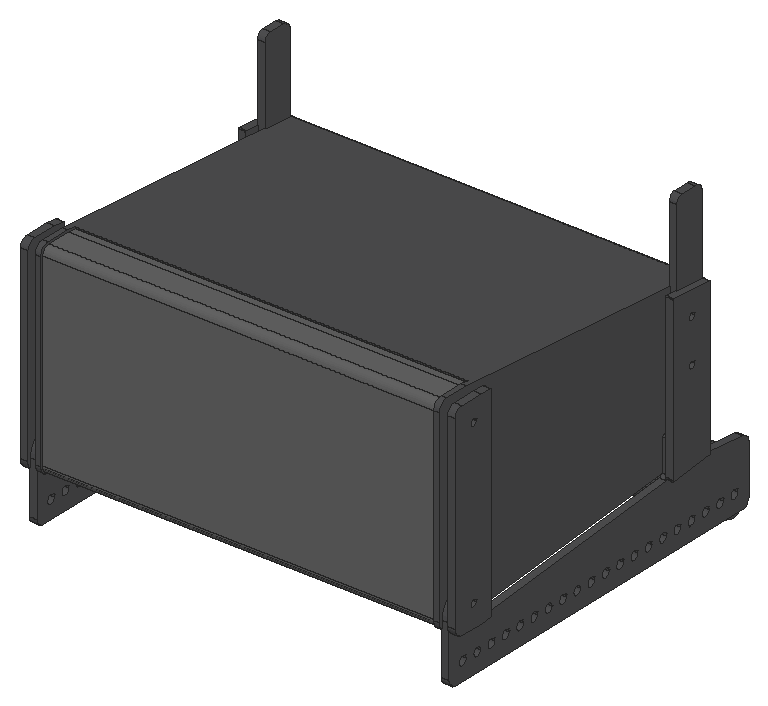
Revit family "Communication_Bosch_Speakers_X-Line Advance Install X2i", category Communication Devices, Revit 2018
Family settings
  Maintain Annotation Orientation = No
  Round Connector Dimension = Use Diameter
  Part Type = Normal
  Work Plane-Based = Yes
  Always vertical = No
  Cut with Voids When Loaded = No
  Shared = Yes
  Room Calculation Point = No
Parameters (values of type "X2I-212/120-B X2i 12" 120° Install array black")
  top/Middle/Bottom Elements [instance] = if(XVisErr, 1 = 0, if(or([Loud Speaker Top Position (01 spreader bar)], Loud Speaker Middle Position, Loud Speaker Bottom Position, [Loud Speaker Bottom Position (No grid)]), 1 = 1, 1 = 0))  # yes
  ifcExportAs = "IfcElectricApplianceType\r\n\r\n"  # constant formula
  XVisSpeaker [instance] = not(XVisErr)  # yes
  XVisErr [instance] = if(and([Loud Speaker Bottom Position (No grid)], Loud Speaker Bottom Position), 1 = 1, if(and([Loud Speaker Bottom Position (No grid)], Loud Speaker Middle Position), 1 = 1, if(and([Loud Speaker Bottom Position (No grid)], [Loud Speaker Top Position (01 spreader bar)]), 1 = 1, if(and([Loud Speaker Bottom Position (No grid)], Loud Speaker Middle Position, [Loud Speaker Top Position (01 spreader bar)]), 1 = 1, if(and([Loud Speaker Bottom Position (No grid)], [Loud Speaker Top Position (02 spreader bar)]), 1 = 1, if(and([Loud Speaker Bottom Position (No grid)], Loud Speaker Middle Position, [Loud Speaker Top Position (02 spreader bar)]), 1 = 1, if(and(Loud Speaker Bottom Position, Loud Speaker Middle Position), 1 = 1, if(and(Loud Speaker Bottom Position, [Loud Speaker Top Position (01 spreader bar)]), 1 = 1, if(and(Loud Speaker Middle Position, [Loud Speaker Top Position (01 spreader bar)]), 1 = 1, if(and(Loud Speaker Bottom Position, Loud Speaker Middle Position, [Loud Speaker Top Position (01 spreader bar)]), 1 = 1, if(and([Loud Speaker Top Position (01 spreader bar)], [Loud Speaker Top Position (02 spreader bar)]), 1 = 1, if(and(Loud Speaker Bottom Position, [Loud Speaker Top Position (02 spreader bar)]), 1 = 1, if(and(Loud Speaker Middle Position, [Loud Speaker Top Position (02 spreader bar)]), 1 = 1, if(and(Loud Speaker Bottom Position, Loud Speaker Middle Position, [Loud Speaker Top Position (02 spreader bar)]), 1 = 1, 1 = 0))))))))))))))  # no
  XMTI = 1
  XMPN [instance] = if(XVisErr, XError, if(and(or(XMTI = 1, XMTI = 2, XMTI = 5, XMTI = 6), Loud Speaker Bottom Position), " X12I-RIGKIT-B & X12I-GRID-B", if(and(or(XMTI = 1, XMTI = 2, XMTI = 5, XMTI = 6), [Loud Speaker Top Position (01 spreader bar)]), " X12I-RIGKIT-B & X12I-GRID-B ", if(and(or(XMTI = 1, XMTI = 2, XMTI = 5, XMTI = 6), [Loud Speaker Top Position (02 spreader bar)]), " X12I-RIGKIT-B & X12I-GRID-B", if(and(or(XMTI = 1, XMTI = 2, XMTI = 5, XMTI = 6), Loud Speaker Middle Position), " X12I-RIGKIT-B ", if(and(or(XMTI = 3, XMTI = 4, XMTI = 7, XMTI = 8), Loud Speaker Bottom Position), " X12I-RIGKIT-W & X12I-GRID-W", if(and(or(XMTI = 3, XMTI = 4, XMTI = 7, XMTI = 8), [Loud Speaker Bottom Position (No grid)]), " X12I-RIGKIT-W ", if(and(or(XMTI = 3, XMTI = 4, XMTI = 7, XMTI = 8), [Loud Speaker Top Position (01 spreader bar)]), " X12I-RIGKIT-W & X12I-GRID-W", if(and(or(XMTI = 3, XMTI = 4, XMTI = 7, XMTI = 8), [Loud Speaker Top Position (02 spreader bar)]), " X12I-RIGKIT-W & X12I-GRID-W ", if(and(or(XMTI = 3, XMTI = 4, XMTI = 7, XMTI = 8), Loud Speaker Middle Position), " X12I-RIGKIT-W ", "None"))))))))))  # "None"
  XError [instance] = "Configuration not possible"  # constant formula
  XCTN [instance] = if(XVisErr, XError, if(XMTI = 1, "X2I-212/120-B ", if(XMTI = 2, "X2I-212/120-FGB ", if(XMTI = 3, "X2I-212/120-FGW ", if(XMTI = 4, "X2I-212/120-W ", if(XMTI = 5, "X2I-212/90-B ", if(XMTI = 6, "X2I-212/90-FGB ", if(XMTI = 7, "X2I-212/90-FGW ", if(XMTI = 8, " X2I-212/90-W ", " None ")))))))))  # "X2I-212/120-B "
  XAccDesc [instance] = if(XVisErr, XError, if(XMTI = 1, " X2i 12 in 120° Install array black", if(XMTI = 2, " X2i 12 in 120° Install array black FG", if(XMTI = 3, " X2i 12 in 120° Install array white FG", if(XMTI = 4, " X2i 12 in 120° Install array white", if(XMTI = 5, " X2i 12 in 90° Install array black", if(XMTI = 6, " X2i 12 in 90° Install array black FG", if(XMTI = 7, " X2i 12 in 90° Install array white FG", if(XMTI = 8, " X2i 12 in 90° Install array white", " None ")))))))))  # " X2i 12 in 120° Install array black"
  Weight (Kg) = "34.8 "  # constant formula
  Vertical Coverage = "Array dependent\r\n"  # constant formula
  UniclassTitle = "Loudspeakers"  # constant formula
  UniclassCode = "Pr_70_75_36_50"  # constant formula
  URL = "www.electrovoice.com"
  Top/Middle Elements [instance] = if(XVisErr, 1 = 0, if(or([Loud Speaker Top Position (01 spreader bar)], Loud Speaker Middle Position), 1 = 1, 1 = 0))  # no
  Top Elements (02 spreader bar) [instance] = if(XVisErr, 1 = 0, if([Loud Speaker Top Position (02 spreader bar)], 1 = 1, 1 = 0))  # no
  Top Elements (01 spreader bar) [instance] = if(XVisErr, 1 = 0, if([Loud Speaker Top Position (01 spreader bar)], 1 = 1, 1 = 0))  # no
  Top Element Grid [instance] = if(XVisErr, 1 = 0, if(or([Loud Speaker Top Position (01 spreader bar)], [Loud Speaker Top Position (02 spreader bar)]), 1 = 1, 1 = 0))  # no
  Top Element Distance [instance] = if(or(Loud Speaker Bottom Position, Loud Speaker Middle Position), 0 mm, if(Top Grid Hole Number = 1, 599.4 mm, if(Top Grid Hole Number = 2, 569.4 mm, if(Top Grid Hole Number = 3, 539.4 mm, if(Top Grid Hole Number = 4, 509.4 mm, if(Top Grid Hole Number = 5, 479.4 mm, if(Top Grid Hole Number = 6, 449.4 mm, if(Top Grid Hole Number = 7, 419.4 mm, if(Top Grid Hole Number = 8, 389.4 mm, if(Top Grid Hole Number = 9, 359.4 mm, if(Top Grid Hole Number = 10, 229.4 mm, if(Top Grid Hole Number = 11, 299.4 mm, if(Top Grid Hole Number = 12, 269.4 mm, if(Top Grid Hole Number = 13, 239.4 mm, if(Top Grid Hole Number = 14, 209.4 mm, if(Top Grid Hole Number = 15, 179.4 mm, if(Top Grid Hole Number = 16, 149.4 mm, if(Top Grid Hole Number = 17, 119.4 mm, if(Top Grid Hole Number = 18, 89.4 mm, if(Top Grid Hole Number = 19, 59.4 mm, if(Top Grid Hole Number = 20, 29.4 mm, 599.4 mm)))))))))))))))))))))  # 479.4 mm
  Power Handling = "150 W Continuous, 600 Peak"  # constant formula
  Product Website = "https://products.electrovoice.com/na/en/product/2858/"
  Product Information = "https://products.electrovoice.com/downloadfile.php?id=978256"
  Product Description [instance] = XAccDesc  # " X2i 12 in 120° Install array black"
  PlanningTools = "https://products.electrovoice.com/na/en/preview/"
  Middle/Bottom element [instance] = if(XVisErr, 1 = 0, if(or(Loud Speaker Middle Position, Loud Speaker Bottom Position, [Loud Speaker Bottom Position (No grid)]), 1 = 1, 1 = 0))  # yes
  Max SPL = "145 dB Peak"  # constant formula
  Material = "Multi-ply birch"  # constant formula
  Loud Speaker Bottom Position (No grid) [instance] = yes
  Colour = RAL 9005 black
  Manufacturer = "Electro Voice"  # constant formula
  Loud Speaker Top Position (02 spreader bar) [instance] = no
  Loud Speaker Top Position (01 spreader bar) [instance] = no
  Loud Speaker Middle Position [instance] = no
  Loud Speaker Bottom Position [instance] = no
  LoudSpeaker inclination Angle [instance] = 0.00°
  Top Grid Hole Number [instance] = 5
  InstallationManual = "https://products.electrovoice.com/downloadfile.php?id=978379"
  IP Rating = "IP55 (fiberglass models only)"  # constant formula
  Frequency Response (-3 dB) = "Full-space anechoic array performance with FIR-Drive preset (52 Hz - 19 kHz)"  # constant formula
  Disclaimer = "https://resources-boschsecurity-cdn.azureedge.net/public/information/bim/Disclaimer.pdf"
  Dimensions (H x W x D) = "347 mm x 678.5 mm x 536 mm"  # constant formula
  Default Elevation = 1219.2 mm
  Horizontal Coverage = "90° or 120°"  # constant formula
  CTN [instance] = XCTN  # "X2I-212/120-B "
  Bottom Spreader Bar Rotation Angle [instance] = if(Loud Speaker Bottom Position, -15.00°, -15.00°)  # -15.00°
  Bottom Grid Hole Number [instance] = if(Loud Speaker Bottom Position, 20, 20)  # 20
  Bottom Elements [instance] = if(XVisErr, 1 = 0, if(Loud Speaker Bottom Position, 1 = 1, 1 = 0))  # no
  Bottom Element Distance [instance] = if(or([Loud Speaker Top Position (01 spreader bar)], [Loud Speaker Top Position (02 spreader bar)], Loud Speaker Middle Position), 0 mm, if(Bottom Grid Hole Number = 1, 599.4 mm, if(Bottom Grid Hole Number = 2, 569.4 mm, if(Bottom Grid Hole Number = 3, 539.4 mm, if(Bottom Grid Hole Number = 4, 509.4 mm, if(Bottom Grid Hole Number = 5, 479.4 mm, if(Bottom Grid Hole Number = 6, 449.4 mm, if(Bottom Grid Hole Number = 7, 419.4 mm, if(Bottom Grid Hole Number = 8, 389.4 mm, if(Bottom Grid Hole Number = 9, 359.4 mm, if(Bottom Grid Hole Number = 10, 229.4 mm, if(Bottom Grid Hole Number = 11, 299.4 mm, if(Bottom Grid Hole Number = 12, 269.4 mm, if(Bottom Grid Hole Number = 13, 239.4 mm, if(Bottom Grid Hole Number = 14, 209.4 mm, if(Bottom Grid Hole Number = 15, 179.4 mm, if(Bottom Grid Hole Number = 16, 149.4 mm, if(Bottom Grid Hole Number = 17, 119.4 mm, if(Bottom Grid Hole Number = 18, 89.4 mm, if(Bottom Grid Hole Number = 19, 59.4 mm, if(Bottom Grid Hole Number = 20, 29.4 mm, 599.4 mm)))))))))))))))))))))  # 29.4 mm
  ArchitectsAndEngineersSpecs = "https://products.electrovoice.com/na/en/product/2858/"
  Accessories Part Number [instance] = XMPN  # "None"
Reference planes
  plane 1 "Center (Front/Back)": y = 0
  plane 2: z = 0
  plane 3 "Center (Left/Right)": x = 0
Forms (mm)
  Extrusion 1, solid, material "RAL 9005 black" <- "Colour", visible <- "XVisSpeaker"
    sketch origin (0, 0, 0) x (0, 0, 1) y (0, -1, 0)
      loop
        line (145.249, -249.261) -> (187.03, 228.298) -> (187.03, 268.828)
        arc (187.03, 268.828) -> (182.414, 279.972) -> (171.269, 284.589) r 15.761
        line (171.269, 284.589) -> (-144.205, 284.589)
        arc (-144.205, 284.589) -> (-155.35, 279.972) -> (-159.966, 268.828) r 15.761
        line (-159.966, 268.828) -> (-159.966, 228.298) -> (-118.185, -249.261)
        arc (-118.185, -249.261) -> (-117.438, -250.777) -> (-115.865, -251.393) r 2.337
        line (-115.865, -251.393) -> (142.914, -251.393)
        arc (142.914, -251.393) -> (144.497, -250.782) -> (145.249, -249.261) r 2.337
    from -339.25 to 339.25
  Extrusion 2, void
    sketch origin (0, 0, 0) x (0, 0, -1) y (0, -1, 0)
      loop
        line (-188.667, 213.318) -> (-181.001, 213.318) -> (-182.393, 229.23) -> (-182.393, 268.836)
        arc (-182.393, 268.836) -> (-179.132, 276.697) -> (-171.269, 279.952) r 11.124
        line (-171.269, 279.952) -> (144.205, 279.952)
        arc (144.205, 279.952) -> (152.071, 276.694) -> (155.33, 268.828) r 11.124
        line (155.33, 268.828) -> (155.33, 229.23) -> (153.937, 213.318) -> (161.603, 213.318) -> (162.966, 228.896) -> (162.966, 269.547)
        arc (162.966, 269.547) -> (157.483, 282.812) -> (144.227, 288.318) r 18.761
        line (144.227, 288.318) -> (-171.247, 288.318)
        arc (-171.247, 288.318) -> (-184.524, 282.835) -> (-190.03, 269.568) r 18.761
        line (-190.03, 269.568) -> (-190.03, 228.896) -> (-188.667, 213.318)
    from -329.969 to 329.969
  Extrusion 3, solid, material "Default New Material", visible <- "XVisSpeaker"
    sketch origin (0, 0, 0) x (0, 0, 1) y (0, -1, 0)
      loop
        line (184.693, 228.555) -> (184.693, 268.828)
        arc (184.693, 268.828) -> (180.762, 278.32) -> (171.269, 282.252) r 13.424
        line (171.269, 282.252) -> (-144.205, 282.252)
        arc (-144.205, 282.252) -> (-153.698, 278.32) -> (-157.63, 268.828) r 13.424
        line (-157.63, 268.828) -> (-157.63, 228.4) -> (-156.31, 213.318) -> (-153.937, 213.318) -> (-155.328, 229.218) -> (-155.328, 268.98)
        arc (-155.328, 268.98) -> (-152.017, 276.747) -> (-144.205, 279.952) r 11.124
        line (-144.205, 279.952) -> (171.269, 279.952)
        arc (171.269, 279.952) -> (179.135, 276.694) -> (182.393, 268.828) r 11.124
        line (182.393, 268.828) -> (182.398, 229.129) -> (181.015, 213.318) -> (183.36, 213.318) -> (184.693, 228.555)
    from -329.969 to 329.969
  Extrusion 4, void
    sketch origin (0, 0, 0) x (0, 0, -1) y (0, -1, 0)
      loop
        circle (122.563, 245.73) r 6.349
      loop
        circle (-149.627, 245.73) r 6.349
      loop
        circle (-107.835, -212.534) r 6.349
      loop
        circle (-34.815, -212.534) r 11.933
      loop
        circle (7.752, -212.534) r 11.933
      loop
        circle (80.771, -212.534) r 6.349
    from 332.545 to 352.25
  Extrusion 5, solid, material "RAL 9005 black" <- "Colour", visible <- "Middle/Bottom element"
    sketch origin (0, 0, 0) x (0, 0, 1) y (0, -1, 0)
      loop
        line (289.463, -237.046) -> (289.463, -209.627)
        arc (289.463, -209.627) -> (286.016, -201.307) -> (277.697, -197.861) r 11.766
        line (277.697, -197.861) -> (33.058, -197.861)
        arc (33.058, -197.861) -> (24.737, -201.308) -> (21.291, -209.629) r 11.767
        line (21.291, -209.629) -> (21.291, -237.051)
        arc (21.291, -237.051) -> (24.75, -245.402) -> (33.101, -248.861) r 11.811
        line (33.101, -248.861) -> (277.648, -248.861)
        arc (277.648, -248.861) -> (286.002, -245.401) -> (289.463, -237.046) r 11.815
      loop
        circle (107.835, -212.534) r 6.349
      loop
        circle (34.815, -212.534) r 6.349
    from -352.25 to -339.25
  Extrusion 6, solid, material "RAL 9005 black" <- "Colour", visible <- "top/Middle/Bottom Elements"
    sketch origin (0, 0, 0) x (0, 0, 1) y (0, -1, 0)
      loop
        line (-160.567, 229.402) -> (-158.777, 209.692)
        arc (-158.777, 209.692) -> (-158.512, 209.1) -> (-157.939, 208.795) r 1.001
        line (-157.939, 208.795) -> (182.646, 208.795)
        arc (182.646, 208.795) -> (183.324, 209.059) -> (183.643, 209.714) r 1.001
        line (183.643, 209.714) -> (185.175, 227.917) -> (185.175, 269.109)
        arc (185.175, 269.109) -> (181.391, 279.023) -> (171.997, 283.957) r 15.011
        line (171.997, 283.957) -> (-145.588, 283.957)
        arc (-145.588, 283.957) -> (-156.208, 279.524) -> (-160.567, 268.873) r 15.011
        line (-160.567, 268.873) -> (-160.567, 229.402)
      loop
        circle (-122.563, 245.73) r 6.349
      loop
        circle (149.627, 245.73) r 6.349
    from -365.25 to -352.25
  Extrusion 7, solid, material "RAL 9005 black" <- "Colour", visible <- "top/Middle/Bottom Elements"
    sketch origin (0, 0, 0) x (0, 0, 1) y (0, -1, 0)
      loop
        line (-123.814, -174.746) -> (-117.068, -249.008)
        arc (-117.068, -249.008) -> (-116.731, -249.686) -> (-116.026, -249.96) r 1.046
        line (-116.026, -249.96) -> (144.047, -249.96)
        arc (144.047, -249.96) -> (144.686, -249.729) -> (145.03, -249.143) r 1.001
        line (145.03, -249.143) -> (151.293, -174.769)
        arc (151.293, -174.769) -> (151.033, -174.008) -> (150.296, -173.685) r 1.001
        line (150.296, -173.685) -> (-122.845, -173.685)
        arc (-122.845, -173.685) -> (-123.563, -174.002) -> (-123.814, -174.746) r 0.973
      loop
        circle (34.815, -212.534) r 6.349
      loop
        circle (107.835, -212.534) r 6.349
    from -365.25 to -352.25
  Extrusion 8, solid, material "RAL 9005 black" <- "Colour", visible <- "Middle/Bottom element"
    sketch origin (0, 0, 0) x (0, 0, 1) y (0, -1, 0)
      loop
        line (289.463, -237.046) -> (289.463, -209.627)
        arc (289.463, -209.627) -> (286.016, -201.307) -> (277.697, -197.861) r 11.766
        line (277.697, -197.861) -> (33.058, -197.861)
        arc (33.058, -197.861) -> (24.737, -201.308) -> (21.291, -209.629) r 11.767
        line (21.291, -209.629) -> (21.291, -237.051)
        arc (21.291, -237.051) -> (24.75, -245.402) -> (33.101, -248.861) r 11.811
        line (33.101, -248.861) -> (277.648, -248.861)
        arc (277.648, -248.861) -> (286.002, -245.401) -> (289.463, -237.046) r 11.815
      loop
        circle (107.835, -212.534) r 6.349
      loop
        circle (34.815, -212.534) r 6.349
    from 339.25 to 352.25
  Extrusion 9, solid, material "RAL 9005 black" <- "Colour", visible <- "top/Middle/Bottom Elements"
    sketch origin (0, 0, 0) x (0, 0, 1) y (0, -1, 0)
      loop
        line (-160.567, 229.402) -> (-158.777, 209.692)
        arc (-158.777, 209.692) -> (-158.512, 209.1) -> (-157.939, 208.795) r 1.001
        line (-157.939, 208.795) -> (182.646, 208.795)
        arc (182.646, 208.795) -> (183.324, 209.059) -> (183.643, 209.714) r 1.001
        line (183.643, 209.714) -> (185.175, 227.917) -> (185.175, 269.109)
        arc (185.175, 269.109) -> (181.391, 279.023) -> (171.997, 283.957) r 15.011
        line (171.997, 283.957) -> (-145.588, 283.957)
        arc (-145.588, 283.957) -> (-156.208, 279.524) -> (-160.567, 268.873) r 15.011
        line (-160.567, 268.873) -> (-160.567, 229.402)
      loop
        circle (-122.563, 245.73) r 6.349
      loop
        circle (149.627, 245.73) r 6.349
    from 352.25 to 365.25
  Extrusion 10, solid, material "RAL 9005 black" <- "Colour", visible <- "top/Middle/Bottom Elements"
    sketch origin (0, 0, 0) x (0, 0, 1) y (0, -1, 0)
      loop
        line (-123.814, -174.746) -> (-117.068, -249.008)
        arc (-117.068, -249.008) -> (-116.731, -249.686) -> (-116.026, -249.96) r 1.046
        line (-116.026, -249.96) -> (144.047, -249.96)
        arc (144.047, -249.96) -> (144.686, -249.729) -> (145.03, -249.143) r 1.001
        line (145.03, -249.143) -> (151.293, -174.769)
        arc (151.293, -174.769) -> (151.033, -174.008) -> (150.296, -173.685) r 1.001
        line (150.296, -173.685) -> (-122.845, -173.685)
        arc (-122.845, -173.685) -> (-123.563, -174.002) -> (-123.814, -174.746) r 0.973
      loop
        circle (34.815, -212.534) r 6.349
      loop
        circle (107.835, -212.534) r 6.349
    from 352.25 to 365.25
  Extrusion 11, solid, material "RAL 9005 black" <- "Colour", visible <- "Top/Middle Elements"
    sketch origin (0, 0, 0) x (0, 0, 1) y (0, -1, 0)
      loop
        line (-199.874, 210.765) -> (-136.231, 210.765)
        arc (-136.231, 210.765) -> (-103.791, 245.671) -> (-136.231, 280.577) r 35
        line (-136.231, 280.577) -> (-199.874, 280.577)
        arc (-199.874, 280.577) -> (-232.314, 245.671) -> (-199.874, 210.765) r 35
      loop
        circle (-122.563, 245.73) r 5.754
      loop
        circle (-203.683, 244.308) r 5.754
    from -352.25 to -339.25
  Extrusion 12, solid, material "RAL 9005 black" <- "Colour", visible <- "Top/Middle Elements"
    sketch origin (0, 0, 0) x (0, 0, 1) y (0, -1, 0)
      loop
        line (-199.845, 210.765) -> (-136.202, 210.765)
        arc (-136.202, 210.765) -> (-103.762, 245.671) -> (-136.202, 280.577) r 35
        line (-136.202, 280.577) -> (-199.845, 280.577)
        arc (-199.845, 280.577) -> (-232.285, 245.671) -> (-199.845, 210.765) r 35
      loop
        circle (-122.534, 245.73) r 5.754
      loop
        circle (-203.654, 244.308) r 5.754
    from 339.25 to 352.25
  Extrusion 13, void
    sketch origin (0, 0, 0) x (0, 0, -1) y (0, -1, 0)
      loop
        circle (122.563, 245.73) r 6.349
      loop
        circle (-149.627, 245.73) r 6.349
      loop
        circle (-107.835, -212.534) r 6.349
      loop
        circle (-34.815, -212.534) r 11.933
      loop
        circle (7.752, -212.534) r 11.933
      loop
        circle (80.771, -212.534) r 6.349
    from -355.668 to -329.969
  Extrusion 14, solid, material "Error Box", visible <- "XVisErr"
    sketch origin (0, 0, 920) x (1, 0, 0) y (0, 1, 0)
      loop
        line (-370.25, 400) -> (-370.25, -313.565) -> (370.25, -313.565) -> (370.25, 400) -> (-370.25, 400)
    from -1200 to -600
Cuts and joins
  Extrusion 2, Extrusion 4, Extrusion 13 cuts Extrusion 1
Lines and regions (mm)
  reference lines
    curve 1: line (0, 0, 0) -> (0, 0, 920)
Dimensions and locks
  "LoudSpeaker inclination Angle": angle curve 1 to plane 1 "Center (Front/Back)"
  aligned and locked: level to plane 2
Automatic sketch dimensions
  Extrusion 1 sketch curve to curve 1 = 159.966 mm
  Extrusion 1 sketch curve to Extrusion 1 sketch curve = 15.761 mm  (x2)
  Extrusion 1 sketch curve to curve 1 = 118.185 mm
  Extrusion 1 sketch curve to Extrusion 1 sketch curve = 2.32 mm
  Extrusion 1 sketch curve to Extrusion 1 sketch curve = 2.328 mm  (x2)
  curve 1 to Extrusion 1 sketch curve = 142.914 mm
  Extrusion 1 sketch curve to Extrusion 1 sketch curve = 0.008 mm
  curve 1 to Extrusion 1 sketch curve = 171.269 mm
  Extrusion 1 sketch curve to curve 1 = 251.393 mm
  Extrusion 1 sketch curve to Extrusion 1 sketch curve = 2.131 mm  (x2)
  curve 1 to Extrusion 1 sketch curve = 228.298 mm  (x2)
  Extrusion 1 sketch curve to Extrusion 1 sketch curve = 40.53 mm
  Extrusion 2 sketch curve to curve 1 = 190.03 mm
  Extrusion 2 sketch curve to Extrusion 2 sketch curve = 1.363 mm
  Extrusion 2 sketch curve to Extrusion 2 sketch curve = 7.637 mm  (x2)
  Extrusion 2 sketch curve to Extrusion 2 sketch curve = 7.666 mm  (x2)
  Extrusion 2 sketch curve to Extrusion 2 sketch curve = 11.124 mm  (x2)
  Extrusion 2 sketch curve to Extrusion 2 sketch curve = 0 mm  (x2)
  Extrusion 2 sketch curve to Extrusion 2 sketch curve = 0.022 mm  (x2)
  curve 1 to Extrusion 2 sketch curve = 144.205 mm
  Extrusion 2 sketch curve to Extrusion 2 sketch curve = 9.732 mm
  Extrusion 2 sketch curve to Extrusion 2 sketch curve = 1.392 mm
  curve 1 to Extrusion 2 sketch curve = 213.318 mm  (x2)
  Extrusion 2 sketch curve to Extrusion 2 sketch curve = 15.578 mm  (x2)
  Extrusion 2 sketch curve to Extrusion 2 sketch curve = 0.333 mm  (x2)
  Extrusion 2 sketch curve to Extrusion 2 sketch curve = 39.598 mm
  Extrusion 2 sketch curve to Extrusion 2 sketch curve = 0.719 mm
  Extrusion 2 sketch curve to Extrusion 2 sketch curve = 0.73 mm  (x2)
  Extrusion 3 sketch curve to Extrusion 3 sketch curve = 0 mm  (x5)
  Extrusion 3 sketch curve to curve 1 = 157.63 mm
  Extrusion 3 sketch curve to Extrusion 3 sketch curve = 1.319 mm
  Extrusion 3 sketch curve to Extrusion 3 sketch curve = 2.301 mm
  Extrusion 3 sketch curve to Extrusion 3 sketch curve = 2.373 mm
  Extrusion 3 sketch curve to Extrusion 3 sketch curve = 11.123 mm
  curve 1 to Extrusion 3 sketch curve = 171.269 mm
  Extrusion 3 sketch curve to Extrusion 3 sketch curve = 9.746 mm
  Extrusion 3 sketch curve to Extrusion 3 sketch curve = 1.383 mm
  Extrusion 3 sketch curve to Extrusion 3 sketch curve = 2.346 mm
  Extrusion 3 sketch curve to Extrusion 3 sketch curve = 2.295 mm
  curve 1 to Extrusion 3 sketch curve = 213.318 mm  (x2)
  Extrusion 3 sketch curve to Extrusion 3 sketch curve = 15.082 mm
  Extrusion 3 sketch curve to Extrusion 3 sketch curve = 15.236 mm
  Extrusion 3 sketch curve to Extrusion 3 sketch curve = 0.575 mm
  Extrusion 3 sketch curve to Extrusion 3 sketch curve = 0.818 mm
  Extrusion 3 sketch curve to Extrusion 3 sketch curve = 39.698 mm
  Extrusion 3 sketch curve to Extrusion 3 sketch curve = 0.152 mm
  Extrusion 4 sketch curve to curve 1 = 149.627 mm
  Extrusion 4 sketch curve to curve 1 = 107.835 mm
  Extrusion 4 sketch curve to curve 1 = 34.815 mm
  curve 1 to Extrusion 4 sketch curve = 7.752 mm
  Extrusion 4 sketch curve to Extrusion 4 sketch curve = 73.019 mm
  curve 1 to Extrusion 4 sketch curve = 122.563 mm
  Extrusion 4 sketch curve to curve 1 = 212.534 mm  (x3)
  Extrusion 4 sketch curve to Extrusion 4 sketch curve = 0 mm
  curve 1 to Extrusion 4 sketch curve = 245.73 mm  (x2)
  Extrusion 5 sketch curve to Extrusion 5 sketch curve = 0 mm  (x4)
  curve 1 to Extrusion 5 sketch curve = 21.291 mm
  Extrusion 5 sketch curve to Extrusion 5 sketch curve = 11.767 mm
  Extrusion 5 sketch curve to Extrusion 5 sketch curve = 11.811 mm
  Extrusion 5 sketch curve to Extrusion 5 sketch curve = 1.757 mm
  Extrusion 5 sketch curve to Extrusion 5 sketch curve = 73.019 mm
  Extrusion 5 sketch curve to Extrusion 5 sketch curve = 169.813 mm
  Extrusion 5 sketch curve to Extrusion 5 sketch curve = 0.049 mm
  Extrusion 5 sketch curve to Extrusion 5 sketch curve = 11.766 mm
  Extrusion 5 sketch curve to curve 1 = 248.861 mm
  Extrusion 5 sketch curve to Extrusion 5 sketch curve = 24.517 mm  (x2)
  Extrusion 5 sketch curve to Extrusion 5 sketch curve = 2.905 mm
  Extrusion 5 sketch curve to Extrusion 5 sketch curve = 6.349 mm  (x2)
  Extrusion 7 sketch curve to Extrusion 7 sketch curve = 0 mm  (x6)
  Extrusion 7 sketch curve to curve 1 = 123.814 mm
  Extrusion 7 sketch curve to Extrusion 7 sketch curve = 0.969 mm
  Extrusion 7 sketch curve to Extrusion 7 sketch curve = 6.746 mm
  Extrusion 7 sketch curve to Extrusion 7 sketch curve = 1.042 mm
  curve 1 to Extrusion 7 sketch curve = 34.815 mm
  Extrusion 7 sketch curve to Extrusion 7 sketch curve = 73.019 mm
  Extrusion 7 sketch curve to Extrusion 7 sketch curve = 36.212 mm
  Extrusion 7 sketch curve to Extrusion 7 sketch curve = 0.984 mm
  Extrusion 7 sketch curve to Extrusion 7 sketch curve = 42.461 mm
  Extrusion 7 sketch curve to curve 1 = 249.96 mm
  Extrusion 7 sketch curve to Extrusion 7 sketch curve = 0.817 mm
  Extrusion 7 sketch curve to Extrusion 7 sketch curve = 0.952 mm
  Extrusion 7 sketch curve to Extrusion 7 sketch curve = 36.425 mm
  Extrusion 7 sketch curve to curve 1 = 212.534 mm
  Extrusion 7 sketch curve to Extrusion 7 sketch curve = 74.262 mm
  Extrusion 7 sketch curve to Extrusion 7 sketch curve = 37.848 mm
  Extrusion 7 sketch curve to Extrusion 7 sketch curve = 0.088 mm
  Extrusion 7 sketch curve to Extrusion 7 sketch curve = 0.997 mm
  Extrusion 7 sketch curve to Extrusion 7 sketch curve = 6.349 mm  (x2)
  Extrusion 8 sketch curve to Extrusion 8 sketch curve = 0 mm  (x4)
  curve 1 to Extrusion 8 sketch curve = 21.291 mm
  Extrusion 8 sketch curve to Extrusion 8 sketch curve = 11.767 mm
  Extrusion 8 sketch curve to Extrusion 8 sketch curve = 11.811 mm
  Extrusion 8 sketch curve to Extrusion 8 sketch curve = 1.757 mm
  Extrusion 8 sketch curve to Extrusion 8 sketch curve = 73.019 mm
  Extrusion 8 sketch curve to Extrusion 8 sketch curve = 169.813 mm
  Extrusion 8 sketch curve to Extrusion 8 sketch curve = 0.049 mm
  Extrusion 8 sketch curve to Extrusion 8 sketch curve = 11.766 mm
  Extrusion 8 sketch curve to curve 1 = 248.861 mm
  Extrusion 8 sketch curve to Extrusion 8 sketch curve = 24.517 mm  (x2)
  Extrusion 8 sketch curve to Extrusion 8 sketch curve = 2.905 mm
  Extrusion 8 sketch curve to Extrusion 8 sketch curve = 6.349 mm  (x2)
  Extrusion 10 sketch curve to Extrusion 10 sketch curve = 0 mm  (x6)
  Extrusion 10 sketch curve to curve 1 = 123.814 mm
  Extrusion 10 sketch curve to Extrusion 10 sketch curve = 0.969 mm
  Extrusion 10 sketch curve to Extrusion 10 sketch curve = 6.746 mm
  Extrusion 10 sketch curve to Extrusion 10 sketch curve = 1.042 mm
  curve 1 to Extrusion 10 sketch curve = 34.815 mm
  Extrusion 10 sketch curve to Extrusion 10 sketch curve = 73.019 mm
  Extrusion 10 sketch curve to Extrusion 10 sketch curve = 36.212 mm
  Extrusion 10 sketch curve to Extrusion 10 sketch curve = 0.984 mm
  Extrusion 10 sketch curve to Extrusion 10 sketch curve = 42.461 mm
  Extrusion 10 sketch curve to curve 1 = 249.96 mm
  Extrusion 10 sketch curve to Extrusion 10 sketch curve = 0.817 mm
  Extrusion 10 sketch curve to Extrusion 10 sketch curve = 0.952 mm
  Extrusion 10 sketch curve to Extrusion 10 sketch curve = 36.425 mm
  Extrusion 10 sketch curve to curve 1 = 212.534 mm
  Extrusion 10 sketch curve to Extrusion 10 sketch curve = 74.262 mm
  Extrusion 10 sketch curve to Extrusion 10 sketch curve = 37.848 mm
  Extrusion 10 sketch curve to Extrusion 10 sketch curve = 0.088 mm
  Extrusion 10 sketch curve to Extrusion 10 sketch curve = 0.997 mm
  Extrusion 10 sketch curve to Extrusion 10 sketch curve = 6.349 mm  (x2)
  Extrusion 11 sketch curve to curve 1 = 203.683 mm
  Extrusion 11 sketch curve to Extrusion 11 sketch curve = 3.809 mm  (x2)
  Extrusion 11 sketch curve to Extrusion 11 sketch curve = 6.369 mm
  Extrusion 11 sketch curve to Extrusion 11 sketch curve = 58.524 mm
  Extrusion 11 sketch curve to Extrusion 11 sketch curve = 2.56 mm  (x2)
  Extrusion 11 sketch curve to Extrusion 11 sketch curve = 16.228 mm
  curve 1 to Extrusion 11 sketch curve = 210.765 mm
  Extrusion 11 sketch curve to Extrusion 11 sketch curve = 33.543 mm
  Extrusion 11 sketch curve to Extrusion 11 sketch curve = 34.906 mm
  Extrusion 11 sketch curve to Extrusion 11 sketch curve = 0.059 mm
  Extrusion 12 sketch curve to curve 1 = 203.654 mm
  Extrusion 12 sketch curve to Extrusion 12 sketch curve = 3.809 mm  (x2)
  Extrusion 12 sketch curve to Extrusion 12 sketch curve = 6.369 mm
  Extrusion 12 sketch curve to Extrusion 12 sketch curve = 58.524 mm
  Extrusion 12 sketch curve to Extrusion 12 sketch curve = 2.56 mm  (x2)
  Extrusion 12 sketch curve to Extrusion 12 sketch curve = 16.228 mm
  curve 1 to Extrusion 12 sketch curve = 210.765 mm
  Extrusion 12 sketch curve to Extrusion 12 sketch curve = 33.543 mm
  Extrusion 12 sketch curve to Extrusion 12 sketch curve = 34.906 mm
  Extrusion 12 sketch curve to Extrusion 12 sketch curve = 0.059 mm
  Extrusion 13 sketch curve to curve 1 = 149.627 mm
  Extrusion 13 sketch curve to curve 1 = 107.835 mm
  Extrusion 13 sketch curve to curve 1 = 34.815 mm
  curve 1 to Extrusion 13 sketch curve = 7.752 mm
  Extrusion 13 sketch curve to Extrusion 13 sketch curve = 73.019 mm
  curve 1 to Extrusion 13 sketch curve = 122.563 mm
  Extrusion 13 sketch curve to curve 1 = 212.534 mm  (x3)
  Extrusion 13 sketch curve to Extrusion 13 sketch curve = 0 mm
  curve 1 to Extrusion 13 sketch curve = 245.73 mm  (x2)
  Extrusion 14 sketch curve to plane 3 "Center (Left/Right)" = 370.25 mm
  plane 3 "Center (Left/Right)" to Extrusion 14 sketch curve = 370.25 mm
  Extrusion 14 sketch curve to Extrusion 14 sketch curve = 713.565 mm
  Extrusion 6 sketch curve to curve 1 = 160.567 mm
  Extrusion 6 sketch curve to Extrusion 6 sketch curve = 1.79 mm
  Extrusion 6 sketch curve to Extrusion 6 sketch curve = 0.838 mm
  Extrusion 6 sketch curve to Extrusion 6 sketch curve = 0.158 mm
  Extrusion 6 sketch curve to Extrusion 6 sketch curve = 14.979 mm
  Extrusion 6 sketch curve to Extrusion 6 sketch curve = 0.031 mm
  Extrusion 6 sketch curve to Extrusion 6 sketch curve = 22.994 mm
  curve 1 to Extrusion 6 sketch curve = 149.627 mm
  Extrusion 6 sketch curve to Extrusion 6 sketch curve = 20.537 mm
  Extrusion 6 sketch curve to Extrusion 6 sketch curve = 1.833 mm
  Extrusion 6 sketch curve to Extrusion 6 sketch curve = 33.019 mm
  Extrusion 6 sketch curve to Extrusion 6 sketch curve = 0.997 mm
  curve 1 to Extrusion 6 sketch curve = 208.795 mm
  Extrusion 6 sketch curve to Extrusion 6 sketch curve = 0.898 mm
  Extrusion 6 sketch curve to Extrusion 6 sketch curve = 0.919 mm
  Extrusion 6 sketch curve to Extrusion 6 sketch curve = 19.71 mm
  Extrusion 6 sketch curve to Extrusion 6 sketch curve = 35.934 mm
  Extrusion 6 sketch curve to Extrusion 6 sketch curve = 16.328 mm
  Extrusion 6 sketch curve to Extrusion 6 sketch curve = 39.471 mm
  Extrusion 6 sketch curve to Extrusion 6 sketch curve = 0.074 mm
  Extrusion 6 sketch curve to Extrusion 6 sketch curve = 14.898 mm
  Extrusion 6 sketch curve to Extrusion 6 sketch curve = 1.532 mm
  Extrusion 6 sketch curve to Extrusion 6 sketch curve = 18.203 mm
  Extrusion 6 sketch curve to Extrusion 6 sketch curve = 6.349 mm  (x2)
  Extrusion 9 sketch curve to curve 1 = 158.777 mm
  Extrusion 9 sketch curve to Extrusion 9 sketch curve = 0.838 mm
  Extrusion 9 sketch curve to Extrusion 9 sketch curve = 0.997 mm  (x2)
  Extrusion 9 sketch curve to Extrusion 9 sketch curve = 12.192 mm
  Extrusion 9 sketch curve to Extrusion 9 sketch curve = 0.031 mm
  Extrusion 9 sketch curve to Extrusion 9 sketch curve = 22.994 mm
  curve 1 to Extrusion 9 sketch curve = 149.627 mm
  Extrusion 9 sketch curve to Extrusion 9 sketch curve = 20.537 mm
  Extrusion 9 sketch curve to Extrusion 9 sketch curve = 1.833 mm
  Extrusion 9 sketch curve to Extrusion 9 sketch curve = 15.011 mm
  curve 1 to Extrusion 9 sketch curve = 208.795 mm
  Extrusion 9 sketch curve to Extrusion 9 sketch curve = 0.898 mm
  Extrusion 9 sketch curve to Extrusion 9 sketch curve = 0.919 mm
  Extrusion 9 sketch curve to Extrusion 9 sketch curve = 35.934 mm
  Extrusion 9 sketch curve to Extrusion 9 sketch curve = 35.947 mm
  Extrusion 9 sketch curve to Extrusion 9 sketch curve = 23.217 mm
  Extrusion 9 sketch curve to Extrusion 9 sketch curve = 23.33 mm
  Extrusion 9 sketch curve to Extrusion 9 sketch curve = 0.05 mm
  Extrusion 9 sketch curve to Extrusion 9 sketch curve = 1.79 mm
  Extrusion 9 sketch curve to Extrusion 9 sketch curve = 1.532 mm
  Extrusion 9 sketch curve to Extrusion 9 sketch curve = 19.71 mm
  Extrusion 9 sketch curve to Extrusion 9 sketch curve = 18.203 mm
  Extrusion 9 sketch curve to Extrusion 9 sketch curve = 6.349 mm  (x2)
  curve 1 to plane 1 "Center (Front/Back)" = 0 mm
  curve 1 to level = 0 mm
  radius of Extrusion 4 sketch curve = 6.349 mm  (x4)
  radius of Extrusion 4 sketch curve = 11.933 mm  (x2)
  radius of Extrusion 11 sketch curve = 5.754 mm  (x2)
  radius of Extrusion 12 sketch curve = 5.754 mm  (x2)
  radius of Extrusion 13 sketch curve = 6.349 mm  (x4)
  radius of Extrusion 13 sketch curve = 11.933 mm  (x2)
Nested families
  nested 1: "Top Element X2i" at (0, 0, 0), MaterialRal <- "Colour", Top Element Grid <- "Top Element Grid", Top element distance <- "Top Element Distance", Two spreader bar <- "Top Elements (02 spreader bar)", one spreader bar <- "Top Elements (01 spreader bar)", type "Top Element"
    with one spreader bar no, Two spreader bar no, Top element distance 479.4 mm, Top Element Grid no, MaterialRal RAL 9005 black
  nested 2: "Bottom Element X2i" at (0, 0, 27.064) x (1, 0, 0) z (0, 0, -1), MaterialRal <- "Colour", Bottom element distance <- "Bottom Element Distance", visible <- "Bottom Elements", spreader Bar Rotation Angle <- "Bottom Spreader Bar Rotation Angle", type "Bottom Elements Accessories"
    with spreader Bar Rotation Angle -15.00°, MaterialRal RAL 9005 black, Bottom element distance 29.4 mm
  nested 3: "Bottom spreader bar" at (0, 317.848, -210.583) x (1, 0, 0) z (0, 0, -1), type "Bottom spreader bar"
    with Spreader Bar Rotation Angle -15.00°, MaterialRal RAL 9005 black
  nested 4: "Bottom Element grid" at (0, 0, 27.064) x (1, 0, 0) z (0, 0, -1), type "Bottom Element Grid"
    with MaterialRal RAL 9005 black
Connectors
  electrical at (0, 251.393, 13.524)
    settings: on cut or joined group of Extrusion 1, Extrusion 2, Extrusion 4, Extrusion 13, index 1, voltage 0 V, apparent load 0 VA, apparent load phase1 0 VA, apparent load phase2 0 VA, apparent load phase3 0 VA, power factor 1, load classification "Other", number of poles 1, system type 14, power factor state 1, is connector primary yes, connector utility no, sub classification motor no, connector description ""
Definition of nested family "Bottom spreader bar"
  Parameters (values of type "Bottom spreader bar")
    Spreader Bar Rotation Angle [instance] = 0.00°
    MaterialRal [instance] = none
    Default Elevation = 1219.2 mm
  Reference planes
    plane 1 "Center (Front/Back)": y = 0
    plane 2: z = 0
    plane 3 "Center (Left/Right)": x = 0
  Forms (mm)
    Extrusion 1, void
      sketch origin (0, -390, 0) x (-1, 0, 0) y (0, 0, 1)
        loop
          circle (-258.95, -20.927) r 10
        loop
          circle (-9.575, -20.927) r 10
        loop
          circle (40.425, -20.927) r 10
        loop
          circle (260.425, -20.927) r 10
      from -442.305 to 1237.265
    Extrusion 2, solid, material <- "MaterialRal"
      sketch origin (0, 0, 41.7) x (0, -1, 0) y (0, 0, -1)
        loop
          line (12.7, 71.314) -> (12.7, 93.539)
          arc (12.7, 93.539) -> (11.772, 95.781) -> (9.531, 96.714) r 3.175
          line (9.531, 96.714) -> (-9.531, 96.714)
          arc (-9.531, 96.714) -> (-11.772, 95.781) -> (-12.7, 93.539) r 3.175
          line (-12.7, 93.539) -> (-12.7, 71.314) -> (-12.7, 28.931)
          arc (-12.7, 28.931) -> (-13.479, 27.051) -> (-15.359, 26.272) r 2.659
          line (-15.359, 26.272) -> (-33.637, 26.272)
          arc (-33.637, 26.272) -> (-37.173, 24.808) -> (-38.637, 21.272) r 5
          line (-38.637, 21.272) -> (-38.637, 15.825)
          arc (-38.637, 15.825) -> (-34.003, 4.635) -> (-22.813, 0) r 15.825
          line (-22.813, 0) -> (0, 0) -> (22.813, 0)
          arc (22.813, 0) -> (34.003, 4.635) -> (38.637, 15.825) r 15.825
          line (38.637, 15.825) -> (38.637, 21.272)
          arc (38.637, 21.272) -> (37.173, 24.808) -> (33.637, 26.272) r 5
          line (33.637, 26.272) -> (15.474, 26.272)
          arc (15.474, 26.272) -> (13.512, 27.085) -> (12.7, 29.046) r 2.774
          line (12.7, 29.046) -> (12.7, 71.314)
      from 339.25 to -339.25
  Cuts and joins
    Extrusion 1 cuts Extrusion 2
  Lines and regions (mm)
    reference lines
      curve 1: line (0, 0, 0) -> (0, -390, 0)
  Dimensions and locks
    "Spreader Bar Rotation Angle": angle plane 2 to curve 1
    aligned and locked: level to plane 2
    aligned and locked: plane 1 "Center (Front/Back)" to curve 1
    aligned and locked: plane 2 to curve 1
  Automatic sketch dimensions
    Extrusion 1 sketch curve to level = 20.927 mm  (x4)
    plane 3 "Center (Left/Right)" to Extrusion 1 sketch curve = 258.95 mm
    plane 3 "Center (Left/Right)" to Extrusion 1 sketch curve = 9.575 mm
    Extrusion 1 sketch curve to plane 3 "Center (Left/Right)" = 40.425 mm
    Extrusion 1 sketch curve to Extrusion 1 sketch curve = 220 mm
    Extrusion 2 sketch curve to curve 1 = 0 mm
    Extrusion 2 sketch curve to curve 1 = 41.7 mm
    Extrusion 2 sketch curve to curve 1 = 9.525 mm
    Extrusion 2 sketch curve to Extrusion 2 sketch curve = 0.006 mm  (x2)
    Extrusion 2 sketch curve to curve 1 = 12.7 mm
    Extrusion 2 sketch curve to Extrusion 2 sketch curve = 2.659 mm
    Extrusion 2 sketch curve to Extrusion 2 sketch curve = 7.454 mm
    Extrusion 2 sketch curve to Extrusion 2 sketch curve = 10.825 mm  (x2)
    Extrusion 2 sketch curve to Extrusion 2 sketch curve = 5 mm  (x2)
    curve 1 to Extrusion 2 sketch curve = 9.525 mm
    curve 1 to Extrusion 2 sketch curve = 12.7 mm
    Extrusion 2 sketch curve to Extrusion 2 sketch curve = 2.774 mm
    Extrusion 2 sketch curve to Extrusion 2 sketch curve = 7.339 mm
    Extrusion 2 sketch curve to Extrusion 2 sketch curve = 5.448 mm  (x2)
    curve 1 to Extrusion 2 sketch curve = 29.614 mm  (x2)
    curve 1 to Extrusion 2 sketch curve = 51.839 mm
    Extrusion 2 sketch curve to Extrusion 2 sketch curve = 3.175 mm
    Extrusion 2 sketch curve to Extrusion 2 sketch curve = 0 mm  (x3)
    radius of Extrusion 1 sketch curve = 10 mm  (x4)
Definition of nested family "Bottom Element grid"
  Parameters (values of type "Bottom Element Grid")
    MaterialRal [instance] = none
    Default Elevation = 1219.2 mm
  Reference planes
    plane 1 "Center (Front/Back)": y = 0
    plane 2: z = 0
    plane 3 "Center (Left/Right)": x = 0
  Forms (mm)
    Extrusion 1, solid, material <- "MaterialRal"
      sketch origin (0, 0, 0) x (0, 1, 0) y (0, 0, 1)
        loop
          line (260.835, 150.633) -> (335.765, 157.848)
          arc (335.765, 157.848) -> (343.955, 161.958) -> (347.248, 170.508) r 12.7
          line (347.248, 170.508) -> (347.248, 255.742)
          arc (347.248, 255.742) -> (343.535, 264.735) -> (334.548, 268.461) r 12.7
          line (334.548, 268.461) -> (-267.659, 268.461)
          arc (-267.659, 268.461) -> (-276.64, 264.741) -> (-280.359, 255.761) r 12.7
          line (-280.359, 255.761) -> (-280.359, 167.803)
          arc (-280.359, 167.803) -> (-269.485, 141.55) -> (-243.233, 130.676) r 37.127
          line (-243.233, 130.676) -> (-217.585, 130.676) -> (-208.034, 184.841)
          arc (-208.034, 184.841) -> (-205.467, 187.909) -> (-201.575, 188.833) r 6.35
          line (-201.575, 188.833) -> (177.063, 155.707)
          arc (177.063, 155.707) -> (180.726, 154.129) -> (182.726, 150.677) r 6.35
          line (182.726, 150.677) -> (182.726, 96.828)
          arc (182.726, 96.828) -> (183.587, 94.462) -> (185.767, 93.204) r 3.68
          line (185.767, 93.204) -> (209.453, 89.027)
          arc (209.453, 89.027) -> (235.485, 94.741) -> (249.947, 117.129) r 35
          line (249.947, 117.129) -> (255.188, 145.466)
          arc (255.188, 145.466) -> (257.146, 148.996) -> (260.835, 150.633) r 6.35
        loop
          circle (212.534, 107.835) r 6.349
        loop
          circle (-245.73, 149.627) r 6.349
        loop
          circle (-252.134, 237.678) r 8
        loop
          circle (-222.134, 237.678) r 8
        loop
          circle (-192.134, 237.678) r 8
        loop
          circle (-162.134, 237.678) r 8
        loop
          circle (-132.134, 237.678) r 8
        loop
          circle (317.866, 237.678) r 8
        loop
          circle (287.866, 237.678) r 8
        loop
          circle (257.866, 237.678) r 8
        loop
          circle (227.866, 237.678) r 8
        loop
          circle (197.866, 237.678) r 8
        loop
          circle (167.866, 237.678) r 8
        loop
          circle (137.866, 237.678) r 8
        loop
          circle (107.866, 237.678) r 8
        loop
          circle (77.866, 237.678) r 8
        loop
          circle (47.866, 237.678) r 8
        loop
          circle (17.866, 237.678) r 8
        loop
          circle (-102.134, 237.678) r 8
        loop
          circle (-72.134, 237.678) r 8
        loop
          circle (-12.134, 237.678) r 8
        loop
          circle (-42.134, 237.678) r 8
      from 339.25 to 352.25
    Extrusion 2, solid, material <- "MaterialRal"
      sketch origin (-691.5, 0, 0) x (0, 1, 0) y (0, 0, 1)
        loop
          line (260.835, 150.633) -> (335.765, 157.848)
          arc (335.765, 157.848) -> (343.955, 161.958) -> (347.248, 170.508) r 12.7
          line (347.248, 170.508) -> (347.248, 255.742)
          arc (347.248, 255.742) -> (343.535, 264.735) -> (334.548, 268.461) r 12.7
          line (334.548, 268.461) -> (-267.659, 268.461)
          arc (-267.659, 268.461) -> (-276.64, 264.741) -> (-280.359, 255.761) r 12.7
          line (-280.359, 255.761) -> (-280.359, 167.803)
          arc (-280.359, 167.803) -> (-269.485, 141.55) -> (-243.233, 130.676) r 37.127
          line (-243.233, 130.676) -> (-217.585, 130.676) -> (-208.034, 184.841)
          arc (-208.034, 184.841) -> (-205.467, 187.909) -> (-201.575, 188.833) r 6.35
          line (-201.575, 188.833) -> (177.063, 155.707)
          arc (177.063, 155.707) -> (180.726, 154.129) -> (182.726, 150.677) r 6.35
          line (182.726, 150.677) -> (182.726, 96.828)
          arc (182.726, 96.828) -> (183.587, 94.462) -> (185.767, 93.204) r 3.68
          line (185.767, 93.204) -> (209.453, 89.027)
          arc (209.453, 89.027) -> (235.485, 94.741) -> (249.947, 117.129) r 35
          line (249.947, 117.129) -> (255.188, 145.466)
          arc (255.188, 145.466) -> (257.146, 148.996) -> (260.835, 150.633) r 6.35
        loop
          circle (212.534, 107.835) r 6.349
        loop
          circle (-245.73, 149.627) r 6.349
        loop
          circle (-252.134, 237.678) r 8
        loop
          circle (-222.134, 237.678) r 8
        loop
          circle (-192.134, 237.678) r 8
        loop
          circle (-162.134, 237.678) r 8
        loop
          circle (-132.134, 237.678) r 8
        loop
          circle (317.866, 237.678) r 8
        loop
          circle (287.866, 237.678) r 8
        loop
          circle (257.866, 237.678) r 8
        loop
          circle (227.866, 237.678) r 8
        loop
          circle (197.866, 237.678) r 8
        loop
          circle (167.866, 237.678) r 8
        loop
          circle (137.866, 237.678) r 8
        loop
          circle (107.866, 237.678) r 8
        loop
          circle (77.866, 237.678) r 8
        loop
          circle (47.866, 237.678) r 8
        loop
          circle (17.866, 237.678) r 8
        loop
          circle (-102.134, 237.678) r 8
        loop
          circle (-72.134, 237.678) r 8
        loop
          circle (-12.134, 237.678) r 8
        loop
          circle (-42.134, 237.678) r 8
      from 339.25 to 352.25
  Dimensions and locks
    aligned and locked: level to plane 2
Definition of nested family "Top Element X2i"
  Parameters (values of type "X1I-212/90-B X1i 12" 90° Install array black")
    one spreader bar [instance] = yes
    Top element distance [instance] = 300 mm
    Top Element Grid [instance] = yes
    MaterialRal [instance] = none
    Default Elevation = 1219.2 mm
    Two spreader bar [instance] = yes
  Reference planes
    plane 1 "Center (Front/Back)": y = 0
    plane 2: z = 0
    plane 3 "Center (Left/Right)": x = 0
    plane 4: y = 347.248
  Lines and regions (mm)
    reference lines
      curve 1: line (-339.25, 47.248, 0) -> (445.75, 47.248, 0)
  Dimensions and locks
    "Top element distance": plane 4 to curve 1
    aligned and locked: level to plane 2
    aligned and locked: nested 1 to curve 1
  Automatic sketch dimensions
    curve 1 to plane 3 "Center (Left/Right)" = 339.25 mm
    plane 3 "Center (Left/Right)" to curve 1 = 445.75 mm
  Nested families
    nested 1: "Top Element X2i.1" at (0, 47.248, 0), visible <- "one spreader bar", MaterialRal <- "MaterialRal", type "Top Element.1"
      with MaterialRal none
    nested 2: "Top Element grid" at (0, 0, 0), visible <- "Top Element Grid", MaterialRal <- "MaterialRal", type "Top Element Grid"
    nested 3: "Top Element (two Spread Bars)" at (0, 0, 0), visible <- "Two spreader bar", MaterialRal <- "MaterialRal", type "Top Elements (Two Spread Bars)"
      with MaterialRal none
  Definition of nested family "Top Element X2i.1"
    Parameters (values of type "Top Element.01")
      MaterialRal [instance] = none
      Default Elevation = 1219.2 mm
    Types (4): name
      Top Element.01
      X1I-212/90-B X1i 12" 90° Install array black
      Top elemenet
      Top Element
    Reference planes
      plane 1 "Center (Front/Back)": y = 0
      plane 2: z = 0
      plane 3 "Center (Left/Right)": x = 0
    Forms (mm)
      Extrusion 1, void
        sketch origin (0, -130.455, 0) x (1, 0, 0) y (0, 0, 1)
          loop
            circle (258.95, 258.591) r 10
          loop
            circle (9.575, 258.591) r 10
          loop
            circle (-40.425, 258.591) r 10
          loop
            circle (-260.425, 258.591) r 10
        from -442.305 to 189.531
      Extrusion 2, solid, material <- "MaterialRal"
        sketch origin (0, -35.398, 0) x (0, 0, 1) y (0, -1, 0)
          loop
            line (267.279, -22.698) -> (225.011, -22.698)
            arc (225.011, -22.698) -> (223.05, -21.885) -> (222.237, -19.924) r 2.774
            line (222.237, -19.924) -> (222.237, -1.76)
            arc (222.237, -1.76) -> (220.773, 1.775) -> (217.237, 3.24) r 5
            line (217.237, 3.24) -> (211.789, 3.24)
            arc (211.789, 3.24) -> (200.6, -1.395) -> (195.965, -12.585) r 15.825
            line (195.965, -12.585) -> (195.965, -35.398) -> (195.965, -58.211)
            arc (195.965, -58.211) -> (200.6, -69.4) -> (211.789, -74.035) r 15.825
            line (211.789, -74.035) -> (217.237, -74.035)
            arc (217.237, -74.035) -> (220.773, -72.571) -> (222.237, -69.035) r 5
            line (222.237, -69.035) -> (222.237, -50.757)
            arc (222.237, -50.757) -> (223.016, -48.877) -> (224.896, -48.098) r 2.659
            line (224.896, -48.098) -> (267.279, -48.098) -> (289.503, -48.098)
            arc (289.503, -48.098) -> (291.746, -47.17) -> (292.678, -44.929) r 3.175
            line (292.678, -44.929) -> (292.678, -25.866)
            arc (292.678, -25.866) -> (291.746, -23.625) -> (289.503, -22.698) r 3.175
            line (289.503, -22.698) -> (267.279, -22.698)
        from 339.25 to -339.25
    Cuts and joins
      Extrusion 1 cuts Extrusion 2
    Dimensions and locks
      aligned and locked: level to plane 2
  Definition of nested family "Top Element grid"
    Parameters (values of type "Top Element Grid")
      MaterialRal [instance] = none
      Default Elevation = 1219.2 mm
    Reference planes
      plane 1 "Center (Front/Back)": y = 0
      plane 2: z = 0
      plane 3 "Center (Left/Right)": x = 0
    Forms (mm)
      Extrusion 1, solid, material <- "MaterialRal"
        sketch origin (0, 0, 0) x (0, 1, 0) y (0, 0, 1)
          loop
            line (260.835, 150.633) -> (335.765, 157.848)
            arc (335.765, 157.848) -> (343.955, 161.958) -> (347.248, 170.508) r 12.7
            line (347.248, 170.508) -> (347.248, 255.742)
            arc (347.248, 255.742) -> (343.535, 264.735) -> (334.548, 268.461) r 12.7
            line (334.548, 268.461) -> (-267.659, 268.461)
            arc (-267.659, 268.461) -> (-276.64, 264.741) -> (-280.359, 255.761) r 12.7
            line (-280.359, 255.761) -> (-280.359, 167.803)
            arc (-280.359, 167.803) -> (-269.485, 141.55) -> (-243.233, 130.676) r 37.127
            line (-243.233, 130.676) -> (-217.585, 130.676) -> (-208.034, 184.841)
            arc (-208.034, 184.841) -> (-205.467, 187.909) -> (-201.575, 188.833) r 6.35
            line (-201.575, 188.833) -> (177.063, 155.707)
            arc (177.063, 155.707) -> (180.726, 154.129) -> (182.726, 150.677) r 6.35
            line (182.726, 150.677) -> (182.726, 96.828)
            arc (182.726, 96.828) -> (183.587, 94.462) -> (185.767, 93.204) r 3.68
            line (185.767, 93.204) -> (209.453, 89.027)
            arc (209.453, 89.027) -> (235.485, 94.741) -> (249.947, 117.129) r 35
            line (249.947, 117.129) -> (255.188, 145.466)
            arc (255.188, 145.466) -> (257.146, 148.996) -> (260.835, 150.633) r 6.35
          loop
            circle (212.534, 107.835) r 6.349
          loop
            circle (-245.73, 149.627) r 6.349
          loop
            circle (-252.134, 237.678) r 8
          loop
            circle (-222.134, 237.678) r 8
          loop
            circle (-192.134, 237.678) r 8
          loop
            circle (-162.134, 237.678) r 8
          loop
            circle (-132.134, 237.678) r 8
          loop
            circle (317.866, 237.678) r 8
          loop
            circle (287.866, 237.678) r 8
          loop
            circle (257.866, 237.678) r 8
          loop
            circle (227.866, 237.678) r 8
          loop
            circle (197.866, 237.678) r 8
          loop
            circle (167.866, 237.678) r 8
          loop
            circle (137.866, 237.678) r 8
          loop
            circle (107.866, 237.678) r 8
          loop
            circle (77.866, 237.678) r 8
          loop
            circle (47.866, 237.678) r 8
          loop
            circle (17.866, 237.678) r 8
          loop
            circle (-102.134, 237.678) r 8
          loop
            circle (-72.134, 237.678) r 8
          loop
            circle (-12.134, 237.678) r 8
          loop
            circle (-42.134, 237.678) r 8
        from 339.25 to 352.25
      Extrusion 2, solid, material <- "MaterialRal"
        sketch origin (-691.5, 0, 0) x (0, 1, 0) y (0, 0, 1)
          loop
            line (260.835, 150.633) -> (335.765, 157.848)
            arc (335.765, 157.848) -> (343.955, 161.958) -> (347.248, 170.508) r 12.7
            line (347.248, 170.508) -> (347.248, 255.742)
            arc (347.248, 255.742) -> (343.535, 264.735) -> (334.548, 268.461) r 12.7
            line (334.548, 268.461) -> (-267.659, 268.461)
            arc (-267.659, 268.461) -> (-276.64, 264.741) -> (-280.359, 255.761) r 12.7
            line (-280.359, 255.761) -> (-280.359, 167.803)
            arc (-280.359, 167.803) -> (-269.485, 141.55) -> (-243.233, 130.676) r 37.127
            line (-243.233, 130.676) -> (-217.585, 130.676) -> (-208.034, 184.841)
            arc (-208.034, 184.841) -> (-205.467, 187.909) -> (-201.575, 188.833) r 6.35
            line (-201.575, 188.833) -> (177.063, 155.707)
            arc (177.063, 155.707) -> (180.726, 154.129) -> (182.726, 150.677) r 6.35
            line (182.726, 150.677) -> (182.726, 96.828)
            arc (182.726, 96.828) -> (183.587, 94.462) -> (185.767, 93.204) r 3.68
            line (185.767, 93.204) -> (209.453, 89.027)
            arc (209.453, 89.027) -> (235.485, 94.741) -> (249.947, 117.129) r 35
            line (249.947, 117.129) -> (255.188, 145.466)
            arc (255.188, 145.466) -> (257.146, 148.996) -> (260.835, 150.633) r 6.35
          loop
            circle (212.534, 107.835) r 6.349
          loop
            circle (-245.73, 149.627) r 6.349
          loop
            circle (-252.134, 237.678) r 8
          loop
            circle (-222.134, 237.678) r 8
          loop
            circle (-192.134, 237.678) r 8
          loop
            circle (-162.134, 237.678) r 8
          loop
            circle (-132.134, 237.678) r 8
          loop
            circle (317.866, 237.678) r 8
          loop
            circle (287.866, 237.678) r 8
          loop
            circle (257.866, 237.678) r 8
          loop
            circle (227.866, 237.678) r 8
          loop
            circle (197.866, 237.678) r 8
          loop
            circle (167.866, 237.678) r 8
          loop
            circle (137.866, 237.678) r 8
          loop
            circle (107.866, 237.678) r 8
          loop
            circle (77.866, 237.678) r 8
          loop
            circle (47.866, 237.678) r 8
          loop
            circle (17.866, 237.678) r 8
          loop
            circle (-102.134, 237.678) r 8
          loop
            circle (-72.134, 237.678) r 8
          loop
            circle (-12.134, 237.678) r 8
          loop
            circle (-42.134, 237.678) r 8
        from 339.25 to 352.25
    Dimensions and locks
      aligned and locked: level to plane 2
  Definition of nested family "Top Element (two Spread Bars)"
    Parameters (values of type "Top Elements (Two Spread Bars)")
      MaterialRal [instance] = none
      Default Elevation = 1219.2 mm
    Reference planes
      plane 1 "Center (Front/Back)": y = 0
      plane 2: z = 0
      plane 3 "Center (Left/Right)": x = 0
    Forms (mm)
      Extrusion 1, void
        sketch origin (0, 187.408, 0) x (1, 0, 0) y (0, 0, 1)
          loop
            circle (258.95, 258.591) r 10
          loop
            circle (9.575, 258.591) r 10
          loop
            circle (-40.425, 258.591) r 10
          loop
            circle (-260.425, 258.591) r 10
        from -442.305 to 189.531
      Extrusion 2, solid, material <- "MaterialRal"
        sketch origin (0, 282.465, 0) x (0, 0, 1) y (0, -1, 0)
          loop
            line (267.279, -22.698) -> (225.011, -22.698)
            arc (225.011, -22.698) -> (223.05, -21.885) -> (222.237, -19.924) r 2.774
            line (222.237, -19.924) -> (222.237, -1.76)
            arc (222.237, -1.76) -> (220.773, 1.775) -> (217.237, 3.24) r 5
            line (217.237, 3.24) -> (211.789, 3.24)
            arc (211.789, 3.24) -> (200.6, -1.395) -> (195.965, -12.585) r 15.825
            line (195.965, -12.585) -> (195.965, -35.398) -> (195.965, -58.211)
            arc (195.965, -58.211) -> (200.6, -69.4) -> (211.789, -74.035) r 15.825
            line (211.789, -74.035) -> (217.237, -74.035)
            arc (217.237, -74.035) -> (220.773, -72.571) -> (222.237, -69.035) r 5
            line (222.237, -69.035) -> (222.237, -50.757)
            arc (222.237, -50.757) -> (223.016, -48.877) -> (224.896, -48.098) r 2.659
            line (224.896, -48.098) -> (267.279, -48.098) -> (289.503, -48.098)
            arc (289.503, -48.098) -> (291.746, -47.17) -> (292.678, -44.929) r 3.175
            line (292.678, -44.929) -> (292.678, -25.866)
            arc (292.678, -25.866) -> (291.746, -23.625) -> (289.503, -22.698) r 3.175
            line (289.503, -22.698) -> (267.279, -22.698)
        from 339.25 to -339.25
      Extrusion 3, void
        sketch origin (0, -122.136, 0) x (1, 0, 0) y (0, 0, -1)
          loop
            circle (258.95, -258.591) r 10
          loop
            circle (9.575, -258.591) r 10
          loop
            circle (-40.425, -258.591) r 10
          loop
            circle (-260.425, -258.591) r 10
        from -442.305 to 189.531
      Extrusion 4, solid, material <- "MaterialRal"
        sketch origin (0, -216.736, 0) x (0, 0, 1) y (0, -1, 0)
          loop
            line (267.279, 22.698) -> (289.503, 22.698)
            arc (289.503, 22.698) -> (291.746, 23.625) -> (292.678, 25.866) r 3.175
            line (292.678, 25.866) -> (292.678, 44.929)
            arc (292.678, 44.929) -> (291.746, 47.17) -> (289.503, 48.098) r 3.175
            line (289.503, 48.098) -> (267.279, 48.098) -> (224.896, 48.098)
            arc (224.896, 48.098) -> (223.016, 48.877) -> (222.237, 50.757) r 2.659
            line (222.237, 50.757) -> (222.237, 69.035)
            arc (222.237, 69.035) -> (220.773, 72.571) -> (217.237, 74.035) r 5
            line (217.237, 74.035) -> (211.789, 74.035)
            arc (211.789, 74.035) -> (200.6, 69.4) -> (195.965, 58.211) r 15.825
            line (195.965, 58.211) -> (195.965, 35.398) -> (195.965, 12.585)
            arc (195.965, 12.585) -> (200.6, 1.395) -> (211.789, -3.24) r 15.825
            line (211.789, -3.24) -> (217.237, -3.24)
            arc (217.237, -3.24) -> (220.773, -1.775) -> (222.237, 1.76) r 5
            line (222.237, 1.76) -> (222.237, 19.924)
            arc (222.237, 19.924) -> (223.05, 21.885) -> (225.011, 22.698) r 2.774
            line (225.011, 22.698) -> (267.279, 22.698)
        from 339.25 to -339.25
    Cuts and joins
      Extrusion 1, Extrusion 3 cuts Extrusion 2
      Extrusion 3 cuts Extrusion 4
    Dimensions and locks
      aligned and locked: level to plane 2
Definition of nested family "Bottom Element X2i"
  Parameters (values of type "Bottom Elements Accessories")
    spreader Bar Rotation Angle [instance] = 0.00°
    MaterialRal [instance] = none
    Bottom element distance [instance] = 30 mm
    Default Elevation = 1219.2 mm
  Reference planes
    plane 1 "Center (Front/Back)": y = 0
    plane 2: z = 0
    plane 3 "Center (Left/Right)": x = 0
    plane 4: y = 347.248
  Lines and regions (mm)
    reference lines
      curve 1: line (-339.25, 317.248, 0) -> (420.75, 317.248, 0)
  Dimensions and locks
    "Bottom element distance": plane 4 to curve 1
    aligned and locked: level to plane 2
    aligned and locked: nested 1 to curve 1
  Automatic sketch dimensions
    curve 1 to plane 3 "Center (Left/Right)" = 339.25 mm
    plane 3 "Center (Left/Right)" to curve 1 = 420.75 mm
  Nested families
    nested 1: "Bottom spreader bar" at (0, 317.248, 237.647), Spreader Bar Rotation Angle <- "spreader Bar Rotation Angle", MaterialRal <- "MaterialRal", type "Bottom spreader bar"
      with Spreader Bar Rotation Angle 0.00°
    nested 2: "Bottom Element grid" at (0, 0, 0), MaterialRal <- "MaterialRal", type "Bottom Element Grid"
  Definition of nested family "Bottom spreader bar"
    Parameters (values of type "Bottom spreader bar")
      Spreader Bar Rotation Angle [instance] = 0.00°
      MaterialRal [instance] = none
      Default Elevation = 1219.2 mm
    Reference planes
      plane 1 "Center (Front/Back)": y = 0
      plane 2: z = 0
      plane 3 "Center (Left/Right)": x = 0
    Forms (mm)
      Extrusion 1, void
        sketch origin (0, -390, 0) x (-1, 0, 0) y (0, 0, 1)
          loop
            circle (-258.95, -20.927) r 10
          loop
            circle (-9.575, -20.927) r 10
          loop
            circle (40.425, -20.927) r 10
          loop
            circle (260.425, -20.927) r 10
        from -442.305 to 1237.265
